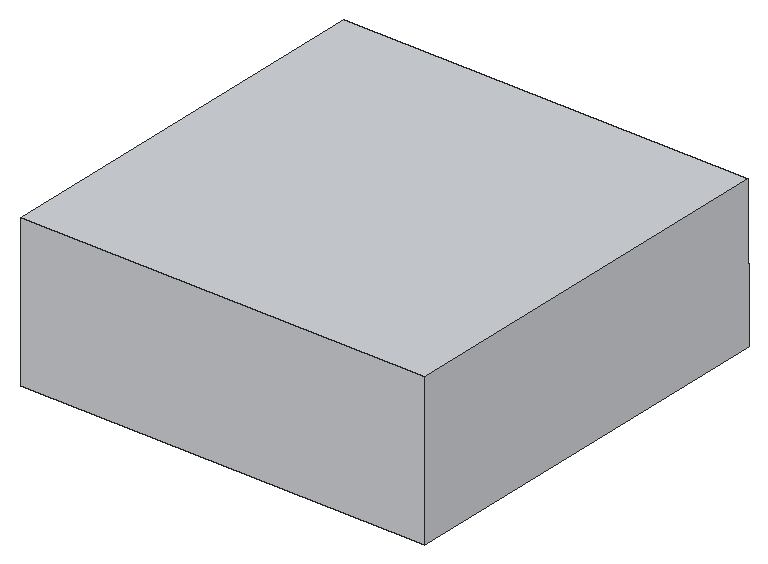
Revit family "head_", category Allgemeines Modell, Revit 2018
Family settings
  Kann Basisbauteil für Bewehrung sein = Nein
  Bemaßung runder Anschluss = Durchmesser verwenden
  Teiletyp = Normal
  Arbeitsebenenbasiert = Ja
  Immer vertikal = Ja
  Beim Laden mit Abzugskörper schneiden = Ja
  Gemeinsam genutzt = Nein
  Raumberechnungspunkt = Nein
Parameters (values of type "70x70")
  Default Elevation = 1219.2 mm
  Tragendes Material [instance] = none
  Schnittlinie = 3000 mm
  Kopftiefe = 700 mm
  Kopfhoehe = 260 mm
  Kopfbreite = 700 mm
  KT_ = Kopftiefe / 2  # 350 mm
  KB_ = Kopfbreite / 2  # 350 mm
  H_ = Kopfhoehe / 2  # 130 mm
  Geschossdecke_Staerke = 260 mm
  G_ = Geschossdecke_Staerke / 2  # 130 mm
Types (3, lengths in mm): name | Kopftiefe | Kopfhoehe | Kopfbreite | KT_ | KB_ | H_
  70x70 | 700 | 260 | 700 | 350 | 350 | 130
  60x60 | 600 | 250 | 600 | 300 | 300 | 125
  STB 26.0 70x70 | 700 | 260 | 700 | 350 | 350 | 130
Reference planes
  plane 1 "Mitte (Vorne/hinten)": y = 0
  plane 2: z = 0
  plane 3 "Mitte (Links/rechts)": x = 0
  plane 4: y = 350
  plane 5: x = -350
  plane 6: y = -350
  plane 7: x = 350
  plane 8: z = -3000
  plane 9 "UKRD": z = -130
  plane 10 "OKRD": z = 130
  plane 11 "UKTSK": z = -390
Forms (mm)
  Extrusion 1, solid, material <- "Tragendes Material", detail levels coarse
    sketch origin (0, 0, -390) x (1, 0, 0) y (0, 1, 0)
      loop
        line (-350, 350) -> (-350, -350) -> (350, -350) -> (350, 350) -> (-350, 350)
    from 0 to 260 <- "Kopfhoehe"
  Extrusion 2, solid, material <- "Tragendes Material", detail levels medium+fine
    sketch origin (0, 0, -390) x (1, 0, 0) y (0, 1, 0)
      loop
        line (-350, 350) -> (-350, -350) -> (350, -350) -> (350, 350) -> (-350, 350)
    from 0 to 260 <- "Kopfhoehe"
Lines and regions (mm)
  symbolic lines
    curve 1: line (-350, 350, 0) -> (350, 350, 0)
    curve 2: line (-350, -350, 0) -> (-350, 350, 0)
    curve 3: line (350, -350, 0) -> (-350, -350, 0)
    curve 4: line (350, 350, 0) -> (350, -350, 0)
  model lines
    curve 5: line (0, 0, -3000) -> (0, 0, 0)
Dimensions and locks
  "KB_": plane 5 to plane 3 "Mitte (Links/rechts)"
  "Kopfbreite": plane 5 to plane 7
  "KT_": plane 4 to plane 1 "Mitte (Vorne/hinten)"
  "Kopftiefe": plane 4 to plane 6
  "Schnittlinie": plane 8 to level
  "Geschossdecke_Staerke": plane 9 "UKRD" to plane 10 "OKRD"
  "G_": plane 9 "UKRD" to level
  "Kopfhoehe": plane 11 "UKTSK" to plane 9 "UKRD"
  aligned and locked: level to plane 2
  aligned and locked: Extrusion 1 sketch curve to plane 4
  aligned and locked: plane 5 to Extrusion 1 sketch curve
  aligned and locked: Extrusion 1 sketch curve to plane 7
  aligned and locked: Extrusion 2 sketch curve to plane 4
  aligned and locked: Extrusion 2 sketch curve to plane 7
  aligned and locked: plane 5 to Extrusion 2 sketch curve
  aligned and locked: plane 6 to Extrusion 2 sketch curve
  aligned and locked: curve 1 to Extrusion 1
  aligned and locked: curve 2 to Extrusion 1
  aligned and locked: curve 3 to Extrusion 1
  aligned and locked: curve 4 to Extrusion 1
  aligned and locked: level to curve 5
  aligned and locked: plane 8 to curve 5
  aligned and locked: curve 5 to plane 3 "Mitte (Links/rechts)"
Automatic sketch dimensions
  Extrusion 1 sketch curve to plane 6 = 0 mm
